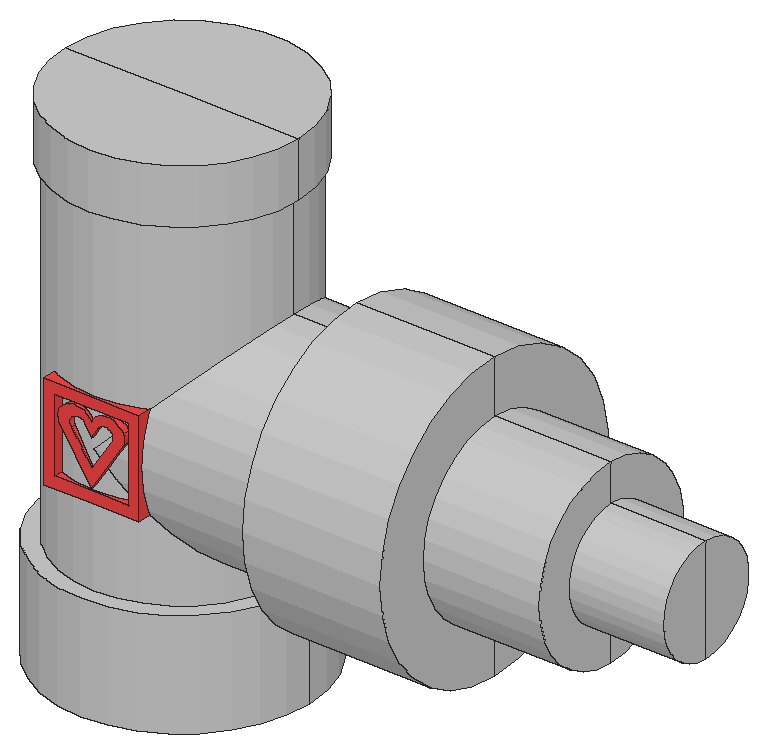
Revit family "RL-1 Rücklaufventil Eck 3724", category Rohrzubehör, Revit 2020
Family settings
  Bemaßung runder Anschluss = Durchmesser verwenden
  Teiletyp = Unterbricht
  OmniClass-Nummer = 23.65.55.14
  OmniClass-Titel = Valves for Liquid Services
  Arbeitsebenenbasiert = Nein
  Immer vertikal = Nein
  Beim Laden mit Abzugskörper schneiden = Nein
  Gemeinsam genutzt = Nein
Parameters
  Vorgabe-Ansicht = 0.000 mm
  URL = "www.herz-armaturen.at"
  SCRNSEQ = "ARM;ARM_TYP=\"ALLF\";2"
  SCRNCODE = "05;01;02"  # constant formula
  S04 = 45.000 mm  # constant formula
  S03 [instance] = H02 - 5.000 mm + 41.000 mm  # 60.500 mm
  S02 [instance] = L04 + L03 - L02  # 25.500 mm
  S01 = 10.000 mm  # constant formula
  R06 = 11.000 mm  # constant formula
  Nennweite [instance] = 10.000 mm
  Medium = "Heizwasserqualität entsprechend ÖNORM H 5195 bzw. VDI-Richtllinie 2035."
  Max.Betriebstemperatur = 120 °C  # constant formula
  Max.Betriebsdruck = 1000000.0 Pa  # constant formula
  LO1 [instance] = R01 - 0.500 mm  # 10.000 mm
  L04 [instance] = size_lookup("3724_1_", "L4", 1.000 mm, Nennweite)  # 20.000 mm
  L03 [instance] = size_lookup("3724_1_", "L3", 1.000 mm, Nennweite)  # 13.000 mm
  L02 [instance] = size_lookup("3724_1_", "L2", 1.000 mm, Nennweite)  # 7.500 mm
  L01 [instance] = size_lookup("3724_1_", "L1", 1.000 mm, Nennweite)  # 24.000 mm
  Hersteller = "HERZ Armaturen Ges.m.b.H."  # constant formula
  H05 = 5.200 mm  # constant formula
  H04 = 25.500 mm  # constant formula
  H03 [instance] = size_lookup("3724_1_", "H3", 1.000 mm, Nennweite)  # 10.000 mm
  H02 [instance] = 24.500 mm  # constant formula
  H01 [instance] = size_lookup("3724_1_", "H1", 1.000 mm, Nennweite)  # 22.000 mm
  Gehäuse = "vernickeltes Messing"  # constant formula
  GT1 [instance] = size_lookup("3724_1_", "GT1", 1.000 mm, Nennweite)  # 9.000 mm
  GT [instance] = size_lookup("3724_1_", "GT", 1.000 mm, Nennweite)  # 9.500 mm
  G2 [instance] = Nennweite / 2  # 5.000 mm
  G1 [instance] = Nennweite / 2  # 5.000 mm
  R01 = 10.500 mm  # constant formula
  D05 [instance] = size_lookup("3724_1_", "D5", 1.000 mm, Nennweite)  # 8.500 mm
  D04 [instance] = size_lookup("3724_1_", "D4", 1.000 mm, Nennweite)  # 13.500 mm
  D03 [instance] = R01  # 10.500 mm
  D02 [instance] = size_lookup("3724_1_", "D2", 1.000 mm, Nennweite)  # 7.940 mm
  D01 [instance] = size_lookup("3724_1_", "D1", 1.000 mm, Nennweite)  # 12.000 mm
  Bestellnummer [instance] = size_lookup("3724_1_", "Artnr", 0, Nennweite)  # 1372440
  Ausführungen = "Alle Modelle werden in vernickelter Ausführung geliefert und sind Universalmodelle mit Spezialmuffe für\r\nGewinderohr und Klemmsetanschluß."
  Anwendungsgebiet = "Warmwasserheizungsanlagen.\r\nDurch Einbau des Rücklaufventils ist der Heizkörper-Rücklaufanschluß absperrbar.\r\nDadurch kann bei gleichzeitiger Absperrung des Vorlaufventils der Heizkörper bei unter Druck stehender Anlage demontiert werden.\r\nEs ist dann möglich, Servicearbeiten oder Arbeiten an der Wand hinter dem Heizkörper (Tapezierung, Verfl iesung) durchzuführen, ohne die übrige Anlage stillsetzen zu müssen.\r\nIst eine Voreinstellung des Rücklaufventils oder Füllen und Entleeren von Heizkörper oder Anlage über das Rücklaufventil gefordert, wird der Einbau des Rücklaufventils HERZ-RL-5 empfohlen."
Reference planes
  plane 1 "Mitte (Vorne/hinten)": y = 0
  plane 2: z = 0
  plane 3 "Mitte (Links/rechts)": x = 0
Forms (mm)
  Revolve 1, solid, material "Messing, weicher Gelbton, geschweißt", detail levels fine
    sketch origin (0, 0, 0) x (1, 0, 0) y (0, 0, 1)
      loop
        line (0, 24.5) -> (-10.5, 24.5) -> (-10.5, -12) -> (-12, -12) -> (-12, -22) -> (-5, -22) -> (-5, -12.5) -> (0, -12.5) -> (0, 24.5)
      axis (0, 24.5) -> (0, -22)
    angle from 0 to 360
  Revolve 2, solid, material "Messing, weicher Gelbton, geschweißt", detail levels fine
    sketch origin (0, 0, 0) x (1, 0, 0) y (0, 0, 1)
      loop
        line (0, 0) -> (24, 0) -> (24, 7.94) -> (16.5, 7.94) -> (16.5, 10.5) -> (0, 10.5) -> (0, 0)
      axis (0, 0) -> (24, 0)
    angle from 0 to 360
  Revolve 3, solid, material "Messing, weicher Gelbton, geschweißt", detail levels fine
    sketch origin (-1, 0, 0) x (1, 0, 0) y (0, 0, 1)
      loop
        line (25, 0) -> (50.5, 0) -> (50.5, 5) -> (41.5, 5) -> (41.5, 8.5) -> (30.5, 8.5) -> (30.5, 13.5) -> (17.5, 13.5) -> (17.5, 7.94) -> (25, 7.94) -> (25, 0)
      axis (17.5, 0) -> (50.5, 0)
    angle from 0 to 360
  Revolve 4, solid, material "Messing, weicher Gelbton, geschweißt", detail levels fine
    sketch origin (0, 0, 0) x (1, 0, 0) y (0, 0, 1)
      loop
        line (0, 20.3) -> (11, 20.3) -> (11, 25.5) -> (0, 25.5) -> (0, 20.3)
      axis (0, 25.5) -> (0, 20.3)
    angle from 0 to 360
Lines and regions (mm)
  model lines, detail levels coarse+medium
    curve 1: line (0, 0, 0) -> (12, 0, -22)
    curve 2: line (12, 0, -22) -> (-12, 0, -22)
    curve 3: line (-12, 0, -22) -> (0, 0, 0)
    curve 4: line (0, 0, 0) -> (24, 0, 13.5)
    curve 5: line (24, 0, 13.5) -> (24, 0, -13.5)
    curve 6: line (24, 0, -13.5) -> (0, 0, 0)
    curve 7: line (24, 0, 13.5) -> (34, 0, 13.5)
    curve 8: line (34, 0, 13.5) -> (24, 0, 0)
    curve 9: line (24, 0, -13.5) -> (34, 0, -13.5)
    curve 10: line (34, 0, -13.5) -> (24, 0, 0)
    curve 11: line (24, 0, 0) -> (49.5, 0, 0)
    curve 12: line (0, 0, 0) -> (12, -22, 0)
    curve 13: line (12, -22, 0) -> (-12, -22, 0)
    curve 14: line (-12, -22, 0) -> (0, 0, 0)
    curve 15: line (0, 0, 0) -> (24, 13.5, 0)
    curve 16: line (24, 13.5, 0) -> (24, -13.5, 0)
    curve 17: line (24, -13.5, 0) -> (0, 0, 0)
    curve 18: line (24, 13.5, 0) -> (34, 13.5, 0)
    curve 19: line (34, 13.5, 0) -> (24, 0, 0)
    curve 20: line (24, -13.5, 0) -> (34, -13.5, 0)
    curve 21: line (24, 0, 0) -> (34, -13.5, 0)
Dimensions and locks
  "H02": Revolve 1 sketch curve to plane 2
  "H01": plane 2 to Revolve 1 sketch curve
  "R01": Revolve 1 sketch curve to Revolve 1 sketch curve
  "G1": Revolve 1 sketch curve to Revolve 1 sketch curve
  "D01": Revolve 1 sketch curve to Revolve 1 sketch curve
  "GT": Revolve 1 sketch curve to Revolve 1 sketch curve
  "H03": Revolve 1 sketch curve to Revolve 1 sketch curve
  "D02": Revolve 2 sketch curve to Revolve 2 sketch curve
  "D03": Revolve 2 sketch curve to Revolve 2 sketch curve
  "L01": Revolve 2 sketch curve to Revolve 2 sketch curve
  "L02": Revolve 2 sketch curve to Revolve 2 sketch curve
  "LO1": nested 1 to plane 1 "Mitte (Vorne/hinten)"
  "L02": Revolve 3 sketch curve to Revolve 3 sketch curve
  "L03": Revolve 3 sketch curve to Revolve 3 sketch curve
  "L04": Revolve 3 sketch curve to Revolve 3 sketch curve
  "D04": Revolve 3 sketch curve to Revolve 3 sketch curve
  "G2": Revolve 3 sketch curve to Revolve 3 sketch curve
  "D05": Revolve 3 sketch curve to Revolve 3 sketch curve
  "GT1": Revolve 3 sketch curve to Revolve 3 sketch curve
  "L01": plane 3 "Mitte (Links/rechts)" to Revolve 3 sketch curve
  "D02": Revolve 3 sketch curve to plane 2
  "H01": plane 2 to curve 2
  "L01": curve 5 to plane 3 "Mitte (Links/rechts)"
  "D01": curve 2 to plane 3 "Mitte (Links/rechts)" to curve 3
  "D04": curve 5 to plane 2 to curve 6
  "S01": curve 5 to curve 8
  "S01": curve 5 to curve 10
  "S02": curve 11 to curve 11
  "H01": curve 13 to plane 1 "Mitte (Vorne/hinten)"
  "D01": curve 14 to plane 3 "Mitte (Links/rechts)" to curve 13
  "L01": plane 3 "Mitte (Links/rechts)" to curve 16
  "D04": curve 17 to plane 1 "Mitte (Vorne/hinten)" to curve 16
  "S01": curve 16 to curve 19
  "S01": curve 16 to curve 21
  "R06": Revolve 4 sketch curve to Revolve 4 sketch curve
  "H04": Revolve 4 sketch curve to plane 2
  "H05": Revolve 4 sketch curve to Revolve 4 sketch curve
  aligned and locked: level to plane 2
Automatic sketch dimensions
  curve 4 to level = 0.000 mm
  curve 4 to plane 3 "Mitte (Links/rechts)" = 0.000 mm
  curve 11 to level = 0.000 mm
  curve 8 to level = 0.000 mm
  plane 1 "Mitte (Vorne/hinten)" to curve 14 = 0.000 mm
  curve 14 to plane 3 "Mitte (Links/rechts)" = 0.000 mm
  plane 1 "Mitte (Vorne/hinten)" to curve 19 = 0.000 mm
  Revolve 1 sketch curve to plane 3 "Mitte (Links/rechts)" = 0.000 mm  (x2)
  Revolve 1 sketch curve to Revolve 1 sketch curve = 345.545 mm
  Revolve 1 sketch curve to Revolve 1 sketch curve = 2189.815 mm
  Revolve 2 sketch curve to level = 0.000 mm  (x2)
  Revolve 2 sketch curve to plane 3 "Mitte (Links/rechts)" = 0.000 mm
  Revolve 2 sketch curve to plane 3 "Mitte (Links/rechts)" = 1506.530 mm
  Revolve 2 sketch curve to Revolve 2 sketch curve = 1815.148 mm
  Revolve 3 sketch curve to level = 0.000 mm  (x2)
  Revolve 3 sketch curve to plane 3 "Mitte (Links/rechts)" = 1507.530 mm
  Revolve 3 sketch curve to Revolve 3 sketch curve = 1789.648 mm
  Revolve 4 sketch curve to plane 3 "Mitte (Links/rechts)" = 0.000 mm  (x2)
  Revolve 4 sketch curve to level = 366.045 mm
  Revolve 4 sketch curve to Revolve 4 sketch curve = 2190.315 mm
Nested families
  nested 1: "Herz-Logo-vorne" at (0, -10, 0) x (0, -1, 0) z (0, 0, 1), type "Herz-Logo-vorne", detail levels fine
Connectors
  piping at (0, 0, -12.5), diameter 10, driven by "Nennweite"
    settings: on Revolve 1, index 1, connector inside diameter 609.6 mm, connector length 0.000 mm, flow factor 0, pipe flow 0.0 L/s, pressure drop 0.0 Pa, fitting loss kfactor 0, connector angle 0.00°, fixture units 0, engagement length 0.000 mm, angle of deflection 0.00°, flow configuration 0, flow direction 1, fitting loss method 0, system type 8, joint type 0, gender type 0, connector reference index -1, connector utility 0, adjustable connector no, is connector primary yes, connector description ""
  piping at (49.5, 0, 0), diameter 10, driven by "Nennweite"
    settings: on Revolve 3, index 2, connector inside diameter 609.6 mm, connector length 0.000 mm, flow factor 0, pipe flow 0.0 L/s, pressure drop 0.0 Pa, fitting loss kfactor 0, connector angle 0.00°, fixture units 0, engagement length 0.000 mm, angle of deflection 0.00°, flow configuration 0, flow direction 2, fitting loss method 0, system type 8, joint type 0, gender type 0, connector reference index -1, connector utility 0, adjustable connector no, is connector primary no, connector description ""
Definition of nested family "Herz-Logo-vorne"
  Parameters (values of type "Herz-Logo-vorne")
    Default Elevation = 0.000 mm
  Reference planes
    plane 1 "Mitte (Vorne/hinten)": y = 0
    plane 2: z = 0
    plane 3 "Mitte (Links/rechts)": x = 0
  Forms (mm)
    Extrusion 1, solid
      sketch origin (0.732, -0.018, 0.017) x (0, -1, 0) y (0, 0, 1)
        loop
          line (-0.018, -4.517) -> (4.482, -4.517) -> (4.482, 4.483) -> (-4.518, 4.483) -> (-4.518, -4.517) -> (-0.018, -4.517)
        loop
          line (-0.05, -3.48) -> (3.482, -3.48) -> (3.482, 3.483) -> (-3.518, 3.483) -> (-3.518, -3.48) -> (-0.05, -3.48)
        loop
          arc (-0.018, 2.383) -> (-1.543, 3.287) -> (-3.067, 2.383) r 1.738
          arc (-3.067, 2.383) -> (-3.191, 1.899) -> (-3.067, 1.415) r 1.009
          line (-3.067, 1.415) -> (-0.018, -3.281) -> (3.032, 1.415)
          arc (3.032, 1.415) -> (3.156, 1.899) -> (3.032, 2.383) r 1.009
          arc (3.032, 2.383) -> (1.507, 3.287) -> (-0.018, 2.383) r 1.738
        loop
          arc (1.885, 1.272) -> (2.005, 1.675) -> (1.885, 2.079) r 0.74
          arc (1.885, 2.079) -> (1.265, 2.416) -> (0.644, 2.079) r 0.74
          line (0.644, 2.079) -> (-0.018, 0.97) -> (-0.679, 2.079)
          arc (-0.679, 2.079) -> (-1.3, 2.416) -> (-1.921, 2.079) r 0.74
          arc (-1.921, 2.079) -> (-2.04, 1.675) -> (-1.921, 1.272) r 0.74
          line (-1.921, 1.272) -> (-0.018, -1.658) -> (1.885, 1.272)
      from 0 to 1.5
  Dimensions and locks
    aligned and locked: level to plane 2
